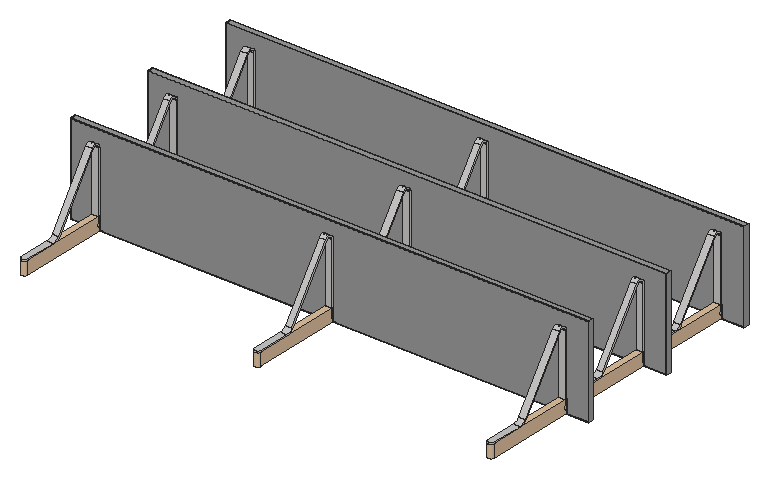
Revit family "Artek_Shelving_Kaari Wall Shelf_Kaari REB008", category Furniture, host Face, Revit 2017
Family settings
  Host = Face
  OmniClass Number = 23.40.20.27
  OmniClass Title = Storage Shelving
  Cut with Voids When Loaded = No
  Shared = No
  Room Calculation Point = No
Parameters (values of type "Kaari REB008")
  WarrantyStartDate [instance] = "n/a"
  WarrantyGuarantorParts = "n/a"
  WarrantyGuarantorLabor = "n/a"
  WarrantyDurationUnit = "Years"
  WarrantyDurationParts = "n/a"
  WarrantyDurationLabor = "n/a"
  WarrantyDescription = "n/a"
  VersionDate = "11/3/2020"  # constant formula
  Version = "1"  # constant formula
  Uniclass2015Reference = "Pr_40_30_78_77"
  Uniclass2015Description = "Shelf units"
  Uniclass2 = "Pr_40_30_78_77"
  URL = "https://www.artek.fi/en/products/kaari-wall-shelf"
  Type Comments = ""
  TagNumber [instance] = "n/a"
  SustainabilityPerformance = "n/a"
  Style = "n/a"
  Size = "2000x1130x350 mm"
  ShelfTopMaterial [instance] = Melamine
  Shape = "Sculptured"
  SerialNumber [instance] = "n/a"
  Revision = "n/a"
  ReplacementCost = "n/a"
  ProductInformation = "n/a"
  Product data url = ""
  NominalWidth = 350 mm
  NominalHeight = 2000 mm
  NominalDepth = 1128 mm
  Name = "Kaari REB008"
  NBSReference = "45-35-80/310"
  NBSDescription = "Shelf units"
  ModelReference = "n/a"
  ModelNumber = "28503301"
  Model = "Kaari REB008"
  Material = "Wood/Steel"
  ManufacturerURL = "https://www.artek.fi/"
  ManufacturerName = "Artek"
  Manufacturer = "Artek"
  MainColor = "Black"
  LegsMaterial [instance] = Solid oak
  InstallationDate [instance] = "n/a"
  IfcExportType = "SHELF"  # constant formula
  IfcExportAs = "IfcFurnitureType"  # constant formula
  Grade = "n/a"
  Finish = "n/a"
  Features = "n/a"
  ExpectedLife = "n/a"
  DurationUnit = "Years"
  Designer = "Ronan & Erwan Bouroullec"
  Description = ""
  Default Elevation = 0 mm
  ConvergoRefNr = "0190-2009-0035-FI"  # constant formula
  Constituents = "n/a"
  Color = "Black"
  Collection = "Kaari Collection"
  CodePerformance = "n/a"
  Category = "Shelves"
  Brand = "Artek"
  Barcode [instance] = "n/a"
  BIMObjectName = "Artek_Shelving_Kaari Wall Shelf_Kaari REB008"  # constant formula
  Author = "Convergo AB"  # constant formula
  AssetType = "Movable"
  AssetIdentifier [instance] = "n/a"
  Assembly Code = ""
  AccessibilityPerformance = "n/a"
Reference planes
  plane 1 "Center (Front/Back)": y = 0
  plane 2: z = 0
  plane 3 "Center (Left/Right)": x = 0
  plane 4: y = 564
  plane 5: y = -564
  plane 6: x = -1000
  plane 7: x = 1000
  plane 8: z = 350
Dimensions and locks
  equal spacing: plane 5, plane 1 "Center (Front/Back)", plane 4
  "NominalDepth": plane 5 to plane 4
  equal spacing: plane 6, plane 3 "Center (Left/Right)", plane 7
  "NominalHeight": plane 6 to plane 7
  "NominalWidth": plane 8 to level
  aligned and locked: plane 2 to host face
  aligned and locked: level to host face
Automatic sketch dimensions
  host sketch curve to host sketch curve = 2438.4 mm  (x2)
Nested families
  nested 1: "kaari_shelf_reb008" at (0, -564, 0) x (-1, 0, 0) z (0, 1, 0), Legs <- "LegsMaterial", Shelf <- "ShelfTopMaterial", type "kaari_shelf_reb008"
    with ShelfFrame ABS, Shelf Melamine, LegsFrame Flat rolled steel, Legs Solid oak
Definition of nested family "kaari_shelf_reb008"
  Parameters (values of type "kaari_shelf_reb008")
    ShelfFrame [instance] = none
    Shelf [instance] = none
    LegsFrame [instance] = none
    Legs [instance] = none
    Default Elevation = 1219.2 mm
  Reference planes
    plane 1 "Center (Front/Back)": y = 0
    plane 2: z = 0
    plane 3 "Center (Left/Right)": x = 0
  Forms (mm)
    Extrusion 1, solid, material <- "Shelf", detail levels medium+fine
      sketch origin (0, 0, 0) x (1, 0, 0) y (0, 1, 0)
        loop
          line (-999, -349) -> (999, -349) -> (999, -1) -> (913.5, -1) -> (913.5, -51) -> (886.5, -51) -> (886.5, -1) -> (13.5, -1) -> (13.5, -51) -> (-13.5, -51) -> (-13.5, -1) -> (-886.5, -1) -> (-886.5, -51) -> (-913.5, -51) -> (-913.5, -1) -> (-999, -1) -> (-999, -349)
      from 1106 to 1128
    Extrusion 2, solid, material <- "Legs", detail levels medium+fine
      sketch origin (0, 0, 0) x (1, 0, 0) y (0, 0, 1)
        loop
          arc (-912.5, 12.5) -> (-900, 0) -> (-887.5, 12.5) r 12.5
          line (-887.5, 12.5) -> (-887.5, 1128) -> (-912.5, 1128) -> (-912.5, 12.5)
        loop
          line (912.5, 12.5) -> (912.5, 1128) -> (887.5, 1128) -> (887.5, 12.5)
          arc (887.5, 12.5) -> (900, 0) -> (912.5, 12.5) r 12.5
        loop
          line (12.5, 12.5) -> (12.5, 1128) -> (-12.5, 1128) -> (-12.5, 12.5)
          arc (-12.5, 12.5) -> (0, 0) -> (12.5, 12.5) r 12.5
      from 0 to 50
    Extrusion 3, solid, material <- "LegsFrame", detail levels medium+fine
      sketch origin (0, 0, 0) x (0, 1, 0) y (0, 0, 1)
        loop
          line (-298.43, 1073.33) -> (-65.793, 910.435)
          arc (-65.793, 910.435) -> (-56.39, 899.713) -> (-53, 885.86) r 30
          line (-53, 885.86) -> (-53, 732) -> (-288.129, 732)
          arc (-288.129, 732) -> (-305.257, 719.441) -> (-298.43, 699.33) r 17.959
          line (-298.43, 699.33) -> (-65.793, 536.435)
          arc (-65.793, 536.435) -> (-56.39, 525.713) -> (-53, 511.86) r 30
          line (-53, 511.86) -> (-53, 358) -> (-288.129, 358)
          arc (-288.129, 358) -> (-305.257, 345.441) -> (-298.43, 325.33) r 17.959
          line (-298.43, 325.33) -> (-65.793, 162.435)
          arc (-65.793, 162.435) -> (-56.39, 151.713) -> (-53, 137.86) r 30
          line (-53, 137.86) -> (-53, 0) -> (-50, 0) -> (-50, 137.74)
          arc (-50, 137.74) -> (-53.755, 153.084) -> (-64.17, 164.961) r 33.23
          line (-64.17, 164.961) -> (-296.604, 327.713)
          arc (-296.604, 327.713) -> (-302.306, 344.511) -> (-288, 355) r 15
          line (-288, 355) -> (-25.999, 355.008)
          arc (-25.999, 355.008) -> (-24.563, 354.523) -> (-23.359, 353.603) r 4.655
          arc (-23.359, 353.603) -> (-16.069, 356.49) -> (-23.355, 359.385) r 4.217
          arc (-23.355, 359.385) -> (-24.491, 358.501) -> (-25.842, 358) r 4.715
          line (-25.842, 358) -> (-50, 358) -> (-50, 511.74)
          arc (-50, 511.74) -> (-53.755, 527.084) -> (-64.17, 538.961) r 33.23
          line (-64.17, 538.961) -> (-296.604, 701.713)
          arc (-296.604, 701.713) -> (-302.306, 718.511) -> (-288, 729) r 15
          line (-288, 729) -> (-25.999, 729.008)
          arc (-25.999, 729.008) -> (-24.563, 728.524) -> (-23.359, 727.604) r 4.655
          arc (-23.359, 727.604) -> (-16.069, 730.49) -> (-23.355, 733.385) r 4.217
          arc (-23.355, 733.385) -> (-24.491, 732.501) -> (-25.842, 732) r 4.715
          line (-25.842, 732) -> (-50, 732) -> (-50, 885.74)
          arc (-50, 885.74) -> (-53.755, 901.084) -> (-64.17, 912.961) r 33.23
          line (-64.17, 912.961) -> (-296.604, 1075.713)
          arc (-296.604, 1075.713) -> (-302.306, 1092.511) -> (-288, 1103) r 15
          line (-288, 1103) -> (-26.77, 1103)
          arc (-26.77, 1103) -> (-24.939, 1102.623) -> (-23.404, 1101.555) r 4.641
          arc (-23.404, 1101.555) -> (-16.026, 1104.5) -> (-23.404, 1107.445) r 4.277
          arc (-23.404, 1107.445) -> (-24.939, 1106.377) -> (-26.77, 1106) r 4.641
          line (-26.77, 1106) -> (-50, 1106) -> (-288.129, 1106)
          arc (-288.129, 1106) -> (-305.257, 1093.441) -> (-298.43, 1073.33) r 17.959
      from -912.5 to -887.5
    Extrusion 4, solid, material <- "LegsFrame", detail levels medium+fine
      sketch origin (0, 0, 0) x (0, 1, 0) y (0, 0, 1)
        loop
          line (-298.43, 1073.33) -> (-65.793, 910.435)
          arc (-65.793, 910.435) -> (-56.39, 899.713) -> (-53, 885.86) r 30
          line (-53, 885.86) -> (-53, 732) -> (-288.129, 732)
          arc (-288.129, 732) -> (-305.257, 719.441) -> (-298.43, 699.33) r 17.959
          line (-298.43, 699.33) -> (-65.793, 536.435)
          arc (-65.793, 536.435) -> (-56.39, 525.713) -> (-53, 511.86) r 30
          line (-53, 511.86) -> (-53, 358) -> (-288.129, 358)
          arc (-288.129, 358) -> (-305.257, 345.441) -> (-298.43, 325.33) r 17.959
          line (-298.43, 325.33) -> (-65.793, 162.435)
          arc (-65.793, 162.435) -> (-56.39, 151.713) -> (-53, 137.86) r 30
          line (-53, 137.86) -> (-53, 0) -> (-50, 0) -> (-50, 137.74)
          arc (-50, 137.74) -> (-53.755, 153.084) -> (-64.17, 164.961) r 33.23
          line (-64.17, 164.961) -> (-296.604, 327.713)
          arc (-296.604, 327.713) -> (-302.306, 344.511) -> (-288, 355) r 15
          line (-288, 355) -> (-25.999, 355.008)
          arc (-25.999, 355.008) -> (-24.563, 354.523) -> (-23.359, 353.603) r 4.655
          arc (-23.359, 353.603) -> (-16.069, 356.49) -> (-23.355, 359.385) r 4.217
          arc (-23.355, 359.385) -> (-24.491, 358.501) -> (-25.842, 358) r 4.715
          line (-25.842, 358) -> (-50, 358) -> (-50, 511.74)
          arc (-50, 511.74) -> (-53.755, 527.084) -> (-64.17, 538.961) r 33.23
          line (-64.17, 538.961) -> (-296.604, 701.713)
          arc (-296.604, 701.713) -> (-302.306, 718.511) -> (-288, 729) r 15
          line (-288, 729) -> (-25.999, 729.008)
          arc (-25.999, 729.008) -> (-24.563, 728.523) -> (-23.359, 727.603) r 4.655
          arc (-23.359, 727.603) -> (-16.069, 730.49) -> (-23.355, 733.385) r 4.217
          arc (-23.355, 733.385) -> (-24.491, 732.501) -> (-25.842, 732) r 4.715
          line (-25.842, 732) -> (-50, 732) -> (-50, 885.74)
          arc (-50, 885.74) -> (-53.755, 901.084) -> (-64.17, 912.961) r 33.23
          line (-64.17, 912.961) -> (-296.604, 1075.713)
          arc (-296.604, 1075.713) -> (-302.306, 1092.511) -> (-288, 1103) r 15
          line (-288, 1103) -> (-26.77, 1103)
          arc (-26.77, 1103) -> (-24.939, 1102.623) -> (-23.404, 1101.555) r 4.641
          arc (-23.404, 1101.555) -> (-16.026, 1104.5) -> (-23.404, 1107.445) r 4.277
          arc (-23.404, 1107.445) -> (-24.939, 1106.377) -> (-26.77, 1106) r 4.641
          line (-26.77, 1106) -> (-50, 1106) -> (-288.129, 1106)
          arc (-288.129, 1106) -> (-305.257, 1093.441) -> (-298.43, 1073.33) r 17.959
      from 887.5 to 912.5
    Extrusion 5, solid, material <- "LegsFrame", detail levels medium+fine
      sketch origin (0, 0, 0) x (0, 1, 0) y (0, 0, 1)
        loop
          line (-298.43, 1073.33) -> (-65.793, 910.435)
          arc (-65.793, 910.435) -> (-56.39, 899.713) -> (-53, 885.86) r 30
          line (-53, 885.86) -> (-53, 732) -> (-288.129, 732)
          arc (-288.129, 732) -> (-305.257, 719.441) -> (-298.43, 699.33) r 17.959
          line (-298.43, 699.33) -> (-65.793, 536.435)
          arc (-65.793, 536.435) -> (-56.39, 525.713) -> (-53, 511.86) r 30
          line (-53, 511.86) -> (-53, 358) -> (-288.129, 358)
          arc (-288.129, 358) -> (-305.257, 345.441) -> (-298.43, 325.33) r 17.959
          line (-298.43, 325.33) -> (-65.793, 162.435)
          arc (-65.793, 162.435) -> (-56.39, 151.713) -> (-53, 137.86) r 30
          line (-53, 137.86) -> (-53, 0) -> (-50, 0) -> (-50, 137.74)
          arc (-50, 137.74) -> (-53.755, 153.084) -> (-64.17, 164.961) r 33.23
          line (-64.17, 164.961) -> (-296.604, 327.713)
          arc (-296.604, 327.713) -> (-302.306, 344.511) -> (-288, 355) r 15
          line (-288, 355) -> (-25.999, 355.008)
          arc (-25.999, 355.008) -> (-24.563, 354.523) -> (-23.359, 353.603) r 4.655
          arc (-23.359, 353.603) -> (-16.069, 356.49) -> (-23.355, 359.385) r 4.217
          arc (-23.355, 359.385) -> (-24.491, 358.501) -> (-25.842, 358) r 4.715
          line (-25.842, 358) -> (-50, 358) -> (-50, 511.74)
          arc (-50, 511.74) -> (-53.755, 527.084) -> (-64.17, 538.961) r 33.23
          line (-64.17, 538.961) -> (-296.604, 701.713)
          arc (-296.604, 701.713) -> (-302.306, 718.511) -> (-288, 729) r 15
          line (-288, 729) -> (-25.999, 729.008)
          arc (-25.999, 729.008) -> (-24.563, 728.523) -> (-23.359, 727.603) r 4.655
          arc (-23.359, 727.603) -> (-16.069, 730.49) -> (-23.355, 733.385) r 4.217
          arc (-23.355, 733.385) -> (-24.491, 732.501) -> (-25.842, 732) r 4.715
          line (-25.842, 732) -> (-50, 732) -> (-50, 885.74)
          arc (-50, 885.74) -> (-53.755, 901.084) -> (-64.17, 912.961) r 33.23
          line (-64.17, 912.961) -> (-296.604, 1075.713)
          arc (-296.604, 1075.713) -> (-302.306, 1092.511) -> (-288, 1103) r 15
          line (-288, 1103) -> (-26.77, 1103)
          arc (-26.77, 1103) -> (-24.939, 1102.623) -> (-23.404, 1101.555) r 4.641
          arc (-23.404, 1101.555) -> (-16.026, 1104.5) -> (-23.404, 1107.445) r 4.277
          arc (-23.404, 1107.445) -> (-24.939, 1106.377) -> (-26.77, 1106) r 4.641
          line (-26.77, 1106) -> (-50, 1106) -> (-288.129, 1106)
          arc (-288.129, 1106) -> (-305.257, 1093.441) -> (-298.43, 1073.33) r 17.959
      from -12.5 to 12.5
    Extrusion 6, solid, material <- "ShelfFrame", detail levels medium+fine
      sketch origin (0, 0, 0) x (1, 0, 0) y (0, 1, 0)
        loop
          line (-1000, 0) -> (-1000, -350) -> (1000, -350) -> (1000, 0) -> (912.5, 0) -> (912.5, -50) -> (887.5, -50) -> (887.5, 0) -> (12.5, 0) -> (12.5, -50) -> (-12.5, -50) -> (-12.5, 0) -> (-887.5, 0) -> (-887.5, -50) -> (-912.5, -50) -> (-912.5, 0) -> (-1000, 0)
        loop
          line (-999, -1) -> (-999, -349) -> (999, -349) -> (999, -1) -> (913.5, -1) -> (913.5, -51) -> (886.5, -51) -> (886.5, -1) -> (13.5, -1) -> (13.5, -51) -> (-13.5, -51) -> (-13.5, -1) -> (-886.5, -1) -> (-886.5, -51) -> (-913.5, -51) -> (-913.5, -1) -> (-999, -1)
      from 1106 to 1128
    Extrusion 7, solid, material <- "Shelf", detail levels medium+fine
      sketch origin (0, 0, 0) x (1, 0, 0) y (0, 1, 0)
        loop
          line (-999, -349) -> (999, -349) -> (999, -1) -> (913.5, -1) -> (913.5, -54.44) -> (886.5, -54.44) -> (886.5, -1) -> (13.5, -1) -> (13.5, -54.549) -> (-13.5, -54.549) -> (-13.5, -1) -> (-886.5, -1) -> (-886.5, -54.822) -> (-913.5, -54.822) -> (-913.5, -1) -> (-999, -1) -> (-999, -349)
      from 732 to 754
    Extrusion 8, solid, material <- "ShelfFrame", detail levels medium+fine
      sketch origin (0, 0, 0) x (1, 0, 0) y (0, 1, 0)
        loop
          line (-1000, 0) -> (-1000, -350) -> (1000, -350) -> (1000, 0) -> (912.5, 0) -> (912.5, -53) -> (887.5, -53) -> (887.5, 0) -> (12.5, 0) -> (12.5, -53) -> (-12.5, -53) -> (-12.5, 0) -> (-887.5, 0) -> (-887.5, -53) -> (-912.5, -53) -> (-912.5, 0) -> (-1000, 0)
        loop
          line (-999, -1) -> (-999, -349) -> (999, -349) -> (999, -1) -> (913.5, -1) -> (913.5, -54.44) -> (886.5, -54.44) -> (886.5, -1) -> (13.5, -1) -> (13.5, -54.549) -> (-13.5, -54.549) -> (-13.5, -1) -> (-886.5, -1) -> (-886.5, -54.822) -> (-913.5, -54.822) -> (-913.5, -1) -> (-999, -1)
      from 732 to 754
    Extrusion 9, solid, material <- "Shelf", detail levels medium+fine
      sketch origin (0, 0, 0) x (1, 0, 0) y (0, 1, 0)
        loop
          line (-999, -349) -> (999, -349) -> (999, -1) -> (913.5, -1) -> (913.5, -54.664) -> (886.5, -54.664) -> (886.5, -1) -> (13.5, -1) -> (13.5, -54.892) -> (-13.5, -54.892) -> (-13.5, -1) -> (-886.5, -1) -> (-886.5, -54.595) -> (-913.5, -54.595) -> (-913.5, -1) -> (-999, -1) -> (-999, -349)
      from 358 to 380
    Extrusion 10, solid, material <- "ShelfFrame", detail levels medium+fine
      sketch origin (0, 0, 0) x (1, 0, 0) y (0, 1, 0)
        loop
          line (-1000, 0) -> (-1000, -350) -> (1000, -350) -> (1000, 0) -> (912.5, 0) -> (912.5, -53) -> (887.5, -53) -> (887.5, 0) -> (12.5, 0) -> (12.5, -53) -> (-12.5, -53) -> (-12.5, 0) -> (-887.5, 0) -> (-887.5, -53) -> (-912.5, -53) -> (-912.5, 0) -> (-1000, 0)
        loop
          line (-999, -1) -> (-999, -349) -> (999, -349) -> (999, -1) -> (913.5, -1) -> (913.5, -54.664) -> (886.5, -54.664) -> (886.5, -1) -> (13.5, -1) -> (13.5, -54.892) -> (-13.5, -54.892) -> (-13.5, -1) -> (-886.5, -1) -> (-886.5, -54.595) -> (-913.5, -54.595) -> (-913.5, -1) -> (-999, -1)
      from 358 to 380
    Extrusion 11, void
      sketch origin (0, 0, 0) x (1, 0, 0) y (0, 0, 1)
        loop
          line (-912.5, 12.5) -> (-916.007, 12.5) -> (-916.007, -2.5) -> (-886.007, -2.5) -> (-886.007, 12.5) -> (-887.5, 12.5)
          arc (-887.5, 12.5) -> (-900, 0) -> (-912.5, 12.5) r 12.5
        loop
          line (-12.5, 12.5) -> (-16.007, 12.5) -> (-16.007, -2.5) -> (13.993, -2.5) -> (13.993, 12.5) -> (12.5, 12.5)
          arc (12.5, 12.5) -> (0, 0) -> (-12.5, 12.5) r 12.5
        loop
          line (887.5, 12.5) -> (883.993, 12.5) -> (883.993, -2.5) -> (913.993, -2.5) -> (913.993, 12.5) -> (912.5, 12.5)
          arc (912.5, 12.5) -> (900, 0) -> (887.5, 12.5) r 12.5
      from 43.553 to 61.788
    Sweep 12, void
      path in 3D
        loop
          line (-1000, 0, 1128) -> (-1000, -350, 1128) -> (1000, -350, 1128) -> (1000, 0, 1128) -> (912.5, 0, 1128)
      profile origin (-1000, -175, 1128) x (1, 0, 0) y (0, 0, 1)
        loop
          line (0, 0) -> (0, -1) -> (1, 0) -> (0, 0)
    Sweep 13, void
      path in 3D
        loop
          line (-1000, -350, 1106) -> (-1000, 0, 1106) -> (1000, 0, 1106) -> (1000, -350, 1106) -> (-1000, -350, 1106)
      profile origin (0, -350, 1106) x (0, 1, 0) y (0, 0, -1)
        loop
          line (0, 0) -> (0, -1) -> (1, 0) -> (0, 0)
    Sweep 14, void
      path in 3D
        loop
          line (-1000, 0, 754) -> (-1000, -350, 754) -> (1000, -350, 754) -> (1000, 0, 754) -> (912.5, 0, 754)
      profile origin (-1000, -175, 754) x (1, 0, 0) y (0, 0, 1)
        loop
          line (0, 0) -> (0, -1) -> (1, 0) -> (0, 0)
    Sweep 15, void
      path in 3D
        loop
          line (-1000, -350, 732) -> (-1000, 0, 732) -> (1000, 0, 732) -> (1000, -350, 732) -> (-1000, -350, 732)
      profile origin (0, -350, 732) x (0, 1, 0) y (0, 0, -1)
        loop
          line (0, 0) -> (0, -1) -> (1, 0) -> (0, 0)
    Sweep 16, void
      path in 3D
        loop
          line (-1000, -350, 732) -> (-1000, 0, 732) -> (1000, 0, 732) -> (1000, -350, 732) -> (-1000, -350, 732)
      profile origin (0, -350, 732) x (0, 1, 0) y (0, 0, -1)
        loop
          line (0, 0) -> (0, -1) -> (1, 0) -> (0, 0)
    Sweep 17, void
      path in 3D
        loop
          line (-1000, 0, 380) -> (-1000, -350, 380) -> (1000, -350, 380) -> (1000, 0, 380) -> (912.5, 0, 380)
      profile origin (-1000, -175, 380) x (1, 0, 0) y (0, 0, 1)
        loop
          line (0, 0) -> (0, -1) -> (1, 0) -> (0, 0)
    Sweep 18, void
      path in 3D
        loop
          line (-1000, -350, 358) -> (-1000, 0, 358) -> (1000, 0, 358) -> (1000, -350, 358) -> (-1000, -350, 358)
      profile origin (0, -350, 358) x (0, 1, 0) y (0, 0, -1)
        loop
          line (0, 0) -> (0, -1) -> (1, 0) -> (0, 0)
    Sweep 19, void
      path in 3D
        loop
          line (-1000, -350, 358) -> (-1000, 0, 358) -> (1000, 0, 358) -> (1000, -350, 358) -> (-1000, -350, 358)
      profile origin (0, -350, 358) x (0, 1, 0) y (0, 0, -1)
        loop
          line (0, 0) -> (0, -1) -> (1, 0) -> (0, 0)
    Extrusion 20, solid, material <- "Shelf", detail levels coarse
      sketch origin (0, 0, 0) x (1, 0, 0) y (0, 1, 0)
        loop
          line (-1000, 0) -> (-1000, -350) -> (1000, -350) -> (1000, 0) -> (-1000, 0)
      from 0 to 1128
  Cuts and joins
    Extrusion 11, Sweep 12, Sweep 13, Sweep 14, Sweep 15, Sweep 16, Sweep 17, Sweep 18, Sweep 19 cuts Extrusion 2
    Extrusion 11 cuts Extrusion 3
    Extrusion 11 cuts Extrusion 4
    Extrusion 11 cuts Extrusion 5
    Sweep 12, Sweep 13, Sweep 14, Sweep 15, Sweep 16 cuts Extrusion 6
    Sweep 14, Sweep 16, Sweep 17, Sweep 18, Sweep 19 cuts Extrusion 8
    Sweep 17, Sweep 19 cuts Extrusion 10
  Lines and regions (mm)
    symbolic lines, detail levels medium+fine
      curve 1: line (0, 0, 1128) -> (-1000, 0, 1128)
      curve 2: line (-1000, 0, 1128) -> (-1000, 0, 1106)
      curve 3: line (-1000, 0, 1106) -> (-912.5, 0, 1106)
      curve 4: line (-912.5, 0, 1106) -> (-912.5, 0, 754)
      curve 5: line (-912.5, 0, 754) -> (-1000, 0, 754)
      curve 6: line (-1000, 0, 754) -> (-1000, 0, 732)
      curve 7: line (-1000, 0, 732) -> (-912.5, 0, 732)
      curve 8: line (-912.5, 0, 732) -> (-912.5, 0, 380)
      curve 9: line (-912.5, 0, 380) -> (-1000, 0, 380)
      curve 10: line (-1000, 0, 380) -> (-1000, 0, 358)
      curve 11: line (-1000, 0, 358) -> (-912.5, 0, 358)
      curve 12: line (-912.5, 0, 358) -> (-912.5, 0, 12.5)
      curve 13: arc (-912.5, 0, 12.5) -> (-900, 0, 0) -> (-887.5, 0, 12.5) r 12.5
      curve 14: line (-887.5, 0, 12.5) -> (-887.5, 0, 358)
      curve 15: line (-887.5, 0, 358) -> (-12.5, 0, 358)
      curve 16: line (-12.5, 0, 358) -> (-12.5, 0, 12.5)
      curve 17: arc (-12.5, 0, 12.5) -> (-8.839, 0, 3.661) -> (0, 0, 0) r 12.5
      curve 27: line (0, 0, 1128) -> (1000, 0, 1128)
      curve 28: line (1000, 0, 1128) -> (1000, 0, 1106)
      curve 29: line (1000, 0, 1106) -> (912.5, 0, 1106)
      curve 30: line (912.5, 0, 1106) -> (912.5, 0, 754)
      curve 31: line (912.5, 0, 754) -> (1000, 0, 754)
      curve 32: line (1000, 0, 754) -> (1000, 0, 732)
      curve 33: line (1000, 0, 732) -> (912.5, 0, 732)
      curve 34: line (912.5, 0, 732) -> (912.5, 0, 380)
      curve 35: line (912.5, 0, 380) -> (1000, 0, 380)
      curve 36: line (1000, 0, 380) -> (1000, 0, 358)
      curve 37: line (1000, 0, 358) -> (912.5, 0, 358)
      curve 38: line (912.5, 0, 358) -> (912.5, 0, 12.5)
      curve 39: arc (912.5, 0, 12.5) -> (900, 0, 0) -> (887.5, 0, 12.5) r 12.5
      curve 40: line (887.5, 0, 12.5) -> (887.5, 0, 358)
      curve 41: line (887.5, 0, 358) -> (12.5, 0, 358)
      curve 42: line (12.5, 0, 358) -> (12.5, 0, 12.5)
      curve 43: arc (12.5, 0, 12.5) -> (8.839, 0, 3.661) -> (0, 0, 0) r 12.5
      curve 53: line (0, -350, 1128) -> (0, 0, 1128)
      curve 54: line (0, 0, 1128) -> (0, 0, 0)
      curve 55: line (0, 0, 0) -> (0, -53, 0)
      curve 56: line (0, -53, 0) -> (0, -53, 137.86)
      curve 57: arc (0, -65.793, 162.435) -> (0, -56.39, 151.713) -> (0, -53, 137.86) r 30
      curve 58: line (0, -298.43, 325.33) -> (0, -65.793, 162.435)
      curve 59: arc (0, -288.129, 358) -> (0, -305.257, 345.441) -> (0, -298.43, 325.33) r 17.959
      curve 60: line (0, -288.129, 358) -> (0, -350, 358)
      curve 61: line (0, -350, 358) -> (0, -350, 380)
      curve 62: line (0, -350, 380) -> (0, -53, 380)
      curve 63: line (0, -53, 380) -> (0, -53, 511.86)
      curve 64: arc (0, -65.793, 536.435) -> (0, -56.39, 525.713) -> (0, -53, 511.86) r 30
      curve 65: line (0, -298.43, 699.33) -> (0, -65.793, 536.435)
      curve 66: arc (0, -288.129, 732) -> (0, -305.257, 719.441) -> (0, -298.43, 699.33) r 17.959
      curve 67: line (0, -288.129, 732) -> (0, -350, 732)
      curve 68: line (0, -350, 732) -> (0, -350, 754)
      curve 69: line (0, -350, 754) -> (0, -53, 754)
      curve 70: line (0, -53, 754) -> (0, -53, 885.86)
      curve 71: arc (0, -65.793, 910.435) -> (0, -56.39, 899.713) -> (0, -53, 885.86) r 30
      curve 72: line (0, -298.43, 1073.33) -> (0, -65.793, 910.435)
      curve 73: arc (0, -288.129, 1106) -> (0, -305.257, 1093.441) -> (0, -298.43, 1073.33) r 17.959
      curve 74: line (0, -288.129, 1106) -> (0, -350, 1106)
      curve 75: line (0, -350, 1106) -> (0, -350, 1128)
      curve 134: line (-1000, 0, 0) -> (1000, 0, 0)
      curve 135: line (-1000, -350, 0) -> (-1000, 0, 0)
      curve 136: line (1000, -350, 0) -> (-1000, -350, 0)
      curve 137: line (1000, 0, 0) -> (1000, -350, 0)
    symbolic lines, detail levels fine
      curve 18: line (-912.5, 0, 1106) -> (0, 0, 1106)
      curve 19: line (-912.5, 0, 754) -> (0, 0, 754)
      curve 20: line (-912.5, 0, 732) -> (0, 0, 732)
      curve 21: line (-887.5, 0, 1106) -> (-887.5, 0, 754)
      curve 22: line (-12.5, 0, 1106) -> (-12.5, 0, 754)
      curve 23: line (-887.5, 0, 732) -> (-887.5, 0, 380)
      curve 24: line (-12.5, 0, 732) -> (-12.5, 0, 380)
      curve 25: line (-912.5, 0, 380) -> (0, 0, 380)
      curve 26: line (-912.5, 0, 358) -> (0, 0, 358)
      curve 44: line (912.5, 0, 1106) -> (0, 0, 1106)
      curve 45: line (912.5, 0, 754) -> (0, 0, 754)
      curve 46: line (912.5, 0, 732) -> (0, 0, 732)
      curve 47: line (887.5, 0, 1106) -> (887.5, 0, 754)
      curve 48: line (12.5, 0, 1106) -> (12.5, 0, 754)
      curve 49: line (887.5, 0, 732) -> (887.5, 0, 380)
      curve 50: line (12.5, 0, 732) -> (12.5, 0, 380)
      curve 51: line (912.5, 0, 380) -> (0, 0, 380)
      curve 52: line (912.5, 0, 358) -> (0, 0, 358)
      curve 76: line (0, 0, 1106) -> (0, -288.129, 1106)
      curve 77: line (0, -288, 1103) -> (0, -26.77, 1103)
      curve 78: arc (0, -296.604, 1075.713) -> (0, -302.306, 1092.511) -> (0, -288, 1103) r 15
      curve 79: line (0, -64.17, 912.961) -> (0, -296.604, 1075.713)
      curve 80: arc (0, -26.77, 1103) -> (0, -24.939, 1102.623) -> (0, -23.404, 1101.555) r 4.641
      curve 81: arc (0, -23.404, 1101.555) -> (0, -18.035, 1100.874) -> (0, -16.298, 1106) r 4.277
      curve 82: line (0, -50, 1103) -> (0, -50, 754)
      curve 83: arc (0, -50, 885.74) -> (0, -53.755, 901.084) -> (0, -64.17, 912.961) r 33.23
      curve 84: line (0, -53, 754) -> (0, 0, 754)
      curve 85: line (0, -288.129, 732) -> (0, 0, 732)
      curve 86: line (0, -288, 729.008) -> (0, -25.999, 729.008)
      curve 87: arc (0, -296.604, 701.713) -> (0, -302.306, 718.511) -> (0, -288, 729) r 15
      curve 88: line (0, -64.17, 538.961) -> (0, -296.604, 701.713)
      curve 89: arc (0, -25.999, 729.008) -> (0, -24.563, 728.523) -> (0, -23.359, 727.603) r 4.655
      curve 90: arc (0, -23.359, 727.603) -> (0, -18.046, 726.92) -> (0, -16.348, 732) r 4.217
      curve 91: line (0, -50, 729.008) -> (0, -50, 380)
      curve 92: arc (0, -50, 511.74) -> (0, -53.755, 527.084) -> (0, -64.17, 538.961) r 33.23
      curve 93: line (0, -53, 380) -> (0, 0, 380)
      curve 94: line (0, -288.129, 358) -> (0, 0, 358)
      curve 95: line (0, -288, 355.008) -> (0, -25.999, 355.008)
      curve 96: arc (0, -25.999, 355.008) -> (0, -24.563, 354.523) -> (0, -23.359, 353.603) r 4.655
      curve 97: arc (0, -23.359, 353.603) -> (0, -18.046, 352.92) -> (0, -16.348, 358) r 4.217
      curve 98: arc (0, -296.604, 327.713) -> (0, -302.306, 344.511) -> (0, -288, 355) r 15
      curve 99: line (0, -64.17, 164.961) -> (0, -296.604, 327.713)
      curve 100: arc (0, -50, 137.74) -> (0, -53.755, 153.084) -> (0, -64.17, 164.961) r 33.23
      curve 101: line (0, -50, 355.008) -> (0, -50, 0)
    sketch lines
      curve 102: line (-1000, 0, 1128) -> (-1000, -350, 1128)
      curve 103: line (-1000, -350, 1128) -> (1000, -350, 1128)
      curve 104: line (1000, -350, 1128) -> (1000, 0, 1128)
      curve 105: line (1000, 0, 1128) -> (912.5, 0, 1128)
      curve 106: line (1000, -350, 1106) -> (-1000, -350, 1106)
      curve 107: line (-1000, -350, 1106) -> (-1000, 0, 1106)
      curve 108: line (1000, 0, 1106) -> (1000, -350, 1106)
      curve 109: line (-1000, 0, 1106) -> (1000, 0, 1106)
      curve 110: line (-1000, 0, 754) -> (-1000, -350, 754)
      curve 111: line (-1000, -350, 754) -> (1000, -350, 754)
      curve 112: line (1000, -350, 754) -> (1000, 0, 754)
      curve 113: line (1000, 0, 754) -> (912.5, 0, 754)
      curve 114: line (1000, -350, 732) -> (-1000, -350, 732)
      curve 115: line (-1000, -350, 732) -> (-1000, 0, 732)
      curve 116: line (1000, 0, 732) -> (1000, -350, 732)
      curve 117: line (-1000, 0, 732) -> (1000, 0, 732)
      curve 118: line (1000, -350, 732) -> (-1000, -350, 732)
      curve 119: line (-1000, -350, 732) -> (-1000, 0, 732)
      curve 120: line (1000, 0, 732) -> (1000, -350, 732)
      curve 121: line (-1000, 0, 732) -> (1000, 0, 732)
      curve 122: line (-1000, 0, 380) -> (-1000, -350, 380)
      curve 123: line (-1000, -350, 380) -> (1000, -350, 380)
      curve 124: line (1000, -350, 380) -> (1000, 0, 380)
      curve 125: line (1000, 0, 380) -> (912.5, 0, 380)
      curve 126: line (1000, -350, 358) -> (-1000, -350, 358)
      curve 127: line (-1000, -350, 358) -> (-1000, 0, 358)
      curve 128: line (1000, 0, 358) -> (1000, -350, 358)
      curve 129: line (-1000, 0, 358) -> (1000, 0, 358)
      curve 130: line (1000, -350, 358) -> (-1000, -350, 358)
      curve 131: line (-1000, -350, 358) -> (-1000, 0, 358)
      curve 132: line (1000, 0, 358) -> (1000, -350, 358)
      curve 133: line (-1000, 0, 358) -> (1000, 0, 358)
  Dimensions and locks
    aligned and locked: level to plane 2
  Automatic sketch dimensions
    plane 1 "Center (Front/Back)" to Extrusion 1 sketch curve = 349 mm
    Extrusion 1 sketch curve to plane 3 "Center (Left/Right)" = 999 mm
    Extrusion 1 sketch curve to Extrusion 1 sketch curve = 85.5 mm  (x2)
    Extrusion 1 sketch curve to Extrusion 1 sketch curve = 27 mm  (x2)
    Extrusion 1 sketch curve to plane 3 "Center (Left/Right)" = 13.5 mm
    plane 3 "Center (Left/Right)" to Extrusion 1 sketch curve = 13.5 mm
    plane 1 "Center (Front/Back)" to Extrusion 1 sketch curve = 1 mm  (x4)
    Extrusion 1 sketch curve to Extrusion 1 sketch curve = 873 mm
    plane 1 "Center (Front/Back)" to Extrusion 1 sketch curve = 51 mm
    Extrusion 1 sketch curve to Extrusion 1 sketch curve = 50 mm  (x2)
    Extrusion 2 sketch curve to plane 3 "Center (Left/Right)" = 0 mm
    Extrusion 2 sketch curve to plane 3 "Center (Left/Right)" = 12.5 mm
    Extrusion 2 sketch curve to Extrusion 2 sketch curve = 875 mm  (x2)
    Extrusion 2 sketch curve to Extrusion 2 sketch curve = 12.5 mm  (x2)
    level to Extrusion 2 sketch curve = 12.5 mm  (x3)
    Extrusion 2 sketch curve to Extrusion 2 sketch curve = 1115.5 mm
    Extrusion 2 sketch curve to Extrusion 2 sketch curve = 0 mm  (x2)
    Extrusion 3 sketch curve to level = 0 mm
    plane 1 "Center (Front/Back)" to Extrusion 3 sketch curve = 298.43 mm  (x3)
    Extrusion 3 sketch curve to Extrusion 3 sketch curve = 1.826 mm  (x3)
    Extrusion 3 sketch curve to Extrusion 3 sketch curve = 8.475 mm  (x3)
    Extrusion 3 sketch curve to Extrusion 3 sketch curve = 0.129 mm  (x3)
    plane 1 "Center (Front/Back)" to Extrusion 3 sketch curve = 83.23 mm  (x3)
    Extrusion 3 sketch curve to Extrusion 3 sketch curve = 0.23 mm  (x3)
    Extrusion 3 sketch curve to Extrusion 3 sketch curve = 17.207 mm  (x3)
    Extrusion 3 sketch curve to Extrusion 3 sketch curve = 1.623 mm  (x3)
    plane 1 "Center (Front/Back)" to Extrusion 3 sketch curve = 53 mm  (x3)
    plane 1 "Center (Front/Back)" to Extrusion 3 sketch curve = 50 mm
    Extrusion 3 sketch curve to Extrusion 3 sketch curve = 3 mm  (x3)
    Extrusion 3 sketch curve to Extrusion 3 sketch curve = 23.214 mm  (x2)
    Extrusion 3 sketch curve to Extrusion 3 sketch curve = 23.23 mm
    Extrusion 3 sketch curve to Extrusion 3 sketch curve = 0 mm  (x7)
    Extrusion 3 sketch curve to Extrusion 3 sketch curve = 0.037 mm  (x2)
    Extrusion 3 sketch curve to Extrusion 3 sketch curve = 0.751 mm  (x2)
    Extrusion 3 sketch curve to Extrusion 3 sketch curve = 0.157 mm  (x2)
    Extrusion 3 sketch curve to Extrusion 3 sketch curve = 6.466 mm
    Extrusion 3 sketch curve to Extrusion 3 sketch curve = 5.555 mm  (x2)
    level to Extrusion 3 sketch curve = 137.74 mm
    Extrusion 3 sketch curve to Extrusion 3 sketch curve = 0.12 mm  (x3)
    Extrusion 3 sketch curve to Extrusion 3 sketch curve = 2.383 mm  (x3)
    Extrusion 3 sketch curve to Extrusion 3 sketch curve = 12.287 mm  (x3)
    Extrusion 3 sketch curve to Extrusion 3 sketch curve = 0.041 mm  (x3)
    Extrusion 3 sketch curve to Extrusion 3 sketch curve = 7.586 mm  (x2)
    Extrusion 3 sketch curve to Extrusion 3 sketch curve = 4.594 mm  (x2)
    Extrusion 3 sketch curve to Extrusion 3 sketch curve = 1.484 mm  (x2)
    Extrusion 3 sketch curve to Extrusion 3 sketch curve = 4.619 mm  (x2)
    Extrusion 3 sketch curve to Extrusion 3 sketch curve = 153.74 mm  (x2)
    Extrusion 3 sketch curve to Extrusion 3 sketch curve = 27.221 mm  (x2)
    Extrusion 3 sketch curve to Extrusion 3 sketch curve = 4.641 mm  (x2)
    Extrusion 3 sketch curve to Extrusion 3 sketch curve = 1.5 mm
    Extrusion 3 sketch curve to Extrusion 3 sketch curve = 2.639 mm
    Extrusion 3 sketch curve to Extrusion 3 sketch curve = 2.64 mm
    Extrusion 4 sketch curve to level = 0 mm
    plane 1 "Center (Front/Back)" to Extrusion 4 sketch curve = 298.43 mm  (x3)
    Extrusion 4 sketch curve to Extrusion 4 sketch curve = 1.826 mm  (x3)
    Extrusion 4 sketch curve to Extrusion 4 sketch curve = 8.475 mm  (x3)
    Extrusion 4 sketch curve to Extrusion 4 sketch curve = 0.129 mm  (x3)
    plane 1 "Center (Front/Back)" to Extrusion 4 sketch curve = 83.23 mm  (x3)
    Extrusion 4 sketch curve to Extrusion 4 sketch curve = 0.23 mm  (x3)
    Extrusion 4 sketch curve to Extrusion 4 sketch curve = 17.207 mm  (x3)
    Extrusion 4 sketch curve to Extrusion 4 sketch curve = 1.623 mm  (x3)
    plane 1 "Center (Front/Back)" to Extrusion 4 sketch curve = 53 mm  (x3)
    plane 1 "Center (Front/Back)" to Extrusion 4 sketch curve = 50 mm
    Extrusion 4 sketch curve to Extrusion 4 sketch curve = 3 mm  (x3)
    Extrusion 4 sketch curve to Extrusion 4 sketch curve = 23.214 mm  (x2)
    Extrusion 4 sketch curve to Extrusion 4 sketch curve = 23.23 mm
    Extrusion 4 sketch curve to Extrusion 4 sketch curve = 0 mm  (x7)
    Extrusion 4 sketch curve to Extrusion 4 sketch curve = 0.037 mm  (x2)
    Extrusion 4 sketch curve to Extrusion 4 sketch curve = 0.751 mm  (x2)
    Extrusion 4 sketch curve to Extrusion 4 sketch curve = 0.157 mm  (x2)
    Extrusion 4 sketch curve to Extrusion 4 sketch curve = 6.466 mm
    Extrusion 4 sketch curve to Extrusion 4 sketch curve = 5.555 mm  (x2)
    level to Extrusion 4 sketch curve = 137.74 mm
    Extrusion 4 sketch curve to Extrusion 4 sketch curve = 0.12 mm  (x3)
    Extrusion 4 sketch curve to Extrusion 4 sketch curve = 2.383 mm  (x3)
    Extrusion 4 sketch curve to Extrusion 4 sketch curve = 12.287 mm  (x3)
    Extrusion 4 sketch curve to Extrusion 4 sketch curve = 0.041 mm  (x3)
    Extrusion 4 sketch curve to Extrusion 4 sketch curve = 7.586 mm  (x2)
    Extrusion 4 sketch curve to Extrusion 4 sketch curve = 4.594 mm  (x2)
    Extrusion 4 sketch curve to Extrusion 4 sketch curve = 1.484 mm  (x2)
    Extrusion 4 sketch curve to Extrusion 4 sketch curve = 4.619 mm  (x2)
    Extrusion 4 sketch curve to Extrusion 4 sketch curve = 153.74 mm  (x2)
    Extrusion 4 sketch curve to Extrusion 4 sketch curve = 27.221 mm  (x2)
    Extrusion 4 sketch curve to Extrusion 4 sketch curve = 4.641 mm  (x2)
    Extrusion 4 sketch curve to Extrusion 4 sketch curve = 1.5 mm
    Extrusion 4 sketch curve to Extrusion 4 sketch curve = 2.64 mm  (x2)
    Extrusion 5 sketch curve to level = 0 mm
    plane 1 "Center (Front/Back)" to Extrusion 5 sketch curve = 298.43 mm  (x3)
    Extrusion 5 sketch curve to Extrusion 5 sketch curve = 1.826 mm  (x3)
    Extrusion 5 sketch curve to Extrusion 5 sketch curve = 8.475 mm  (x3)
    Extrusion 5 sketch curve to Extrusion 5 sketch curve = 0.129 mm  (x3)
    plane 1 "Center (Front/Back)" to Extrusion 5 sketch curve = 83.23 mm  (x3)
    Extrusion 5 sketch curve to Extrusion 5 sketch curve = 0.23 mm  (x3)
    Extrusion 5 sketch curve to Extrusion 5 sketch curve = 17.207 mm  (x3)
    Extrusion 5 sketch curve to Extrusion 5 sketch curve = 1.623 mm  (x3)
    plane 1 "Center (Front/Back)" to Extrusion 5 sketch curve = 53 mm  (x3)
    plane 1 "Center (Front/Back)" to Extrusion 5 sketch curve = 50 mm
    Extrusion 5 sketch curve to Extrusion 5 sketch curve = 3 mm  (x3)
    Extrusion 5 sketch curve to Extrusion 5 sketch curve = 23.214 mm  (x2)
    Extrusion 5 sketch curve to Extrusion 5 sketch curve = 23.23 mm
    Extrusion 5 sketch curve to Extrusion 5 sketch curve = 0 mm  (x7)
    Extrusion 5 sketch curve to Extrusion 5 sketch curve = 0.037 mm  (x2)
    Extrusion 5 sketch curve to Extrusion 5 sketch curve = 0.751 mm  (x2)
    Extrusion 5 sketch curve to Extrusion 5 sketch curve = 0.157 mm  (x2)
    Extrusion 5 sketch curve to Extrusion 5 sketch curve = 6.466 mm
    Extrusion 5 sketch curve to Extrusion 5 sketch curve = 5.555 mm  (x2)
    level to Extrusion 5 sketch curve = 137.74 mm
    Extrusion 5 sketch curve to Extrusion 5 sketch curve = 0.12 mm  (x3)
    Extrusion 5 sketch curve to Extrusion 5 sketch curve = 2.383 mm  (x3)
    Extrusion 5 sketch curve to Extrusion 5 sketch curve = 12.287 mm  (x3)
    Extrusion 5 sketch curve to Extrusion 5 sketch curve = 0.041 mm  (x3)
    Extrusion 5 sketch curve to Extrusion 5 sketch curve = 7.586 mm  (x2)
    Extrusion 5 sketch curve to Extrusion 5 sketch curve = 4.594 mm  (x2)
    Extrusion 5 sketch curve to Extrusion 5 sketch curve = 1.484 mm  (x2)
    Extrusion 5 sketch curve to Extrusion 5 sketch curve = 4.619 mm  (x2)
    Extrusion 5 sketch curve to Extrusion 5 sketch curve = 153.74 mm  (x2)
    Extrusion 5 sketch curve to Extrusion 5 sketch curve = 27.221 mm  (x2)
    Extrusion 5 sketch curve to Extrusion 5 sketch curve = 4.641 mm  (x2)
    Extrusion 5 sketch curve to Extrusion 5 sketch curve = 1.5 mm
    Extrusion 5 sketch curve to Extrusion 5 sketch curve = 2.64 mm  (x2)
    plane 1 "Center (Front/Back)" to Extrusion 6 sketch curve = 0 mm  (x4)
    Extrusion 6 sketch curve to plane 3 "Center (Left/Right)" = 1000 mm
    Extrusion 6 sketch curve to Extrusion 6 sketch curve = 1 mm  (x12)
    plane 1 "Center (Front/Back)" to Extrusion 6 sketch curve = 1 mm  (x4)
    Extrusion 6 sketch curve to Extrusion 6 sketch curve = 85.5 mm  (x2)
    Extrusion 6 sketch curve to Extrusion 6 sketch curve = 25 mm  (x2)
    Extrusion 6 sketch curve to plane 3 "Center (Left/Right)" = 13.5 mm
    plane 3 "Center (Left/Right)" to Extrusion 6 sketch curve = 12.5 mm
    Extrusion 6 sketch curve to Extrusion 6 sketch curve = 873 mm
    Extrusion 6 sketch curve to Extrusion 6 sketch curve = 49 mm  (x3)
    Extrusion 6 sketch curve to Extrusion 6 sketch curve = 298 mm
    plane 1 "Center (Front/Back)" to Extrusion 7 sketch curve = 349 mm
    Extrusion 7 sketch curve to plane 3 "Center (Left/Right)" = 999 mm
    Extrusion 7 sketch curve to Extrusion 7 sketch curve = 85.5 mm  (x2)
    Extrusion 7 sketch curve to Extrusion 7 sketch curve = 27 mm  (x2)
    Extrusion 7 sketch curve to plane 3 "Center (Left/Right)" = 13.5 mm
    plane 3 "Center (Left/Right)" to Extrusion 7 sketch curve = 13.5 mm
    plane 1 "Center (Front/Back)" to Extrusion 7 sketch curve = 1 mm  (x4)
    Extrusion 7 sketch curve to Extrusion 7 sketch curve = 873 mm
    plane 1 "Center (Front/Back)" to Extrusion 7 sketch curve = 54.822 mm
    Extrusion 7 sketch curve to Extrusion 7 sketch curve = 53.44 mm
    Extrusion 7 sketch curve to Extrusion 7 sketch curve = 53.549 mm
    plane 1 "Center (Front/Back)" to Extrusion 8 sketch curve = 0 mm  (x4)
    Extrusion 8 sketch curve to plane 3 "Center (Left/Right)" = 1000 mm
    Extrusion 8 sketch curve to Extrusion 8 sketch curve = 1 mm  (x9)
    plane 1 "Center (Front/Back)" to Extrusion 8 sketch curve = 1 mm  (x4)
    Extrusion 8 sketch curve to Extrusion 8 sketch curve = 85.5 mm  (x2)
    Extrusion 8 sketch curve to Extrusion 8 sketch curve = 25 mm  (x2)
    Extrusion 8 sketch curve to plane 3 "Center (Left/Right)" = 13.5 mm
    plane 3 "Center (Left/Right)" to Extrusion 8 sketch curve = 12.5 mm
    Extrusion 8 sketch curve to Extrusion 8 sketch curve = 873 mm
    Extrusion 8 sketch curve to Extrusion 8 sketch curve = 52 mm  (x3)
    Extrusion 8 sketch curve to Extrusion 8 sketch curve = 1.549 mm
    Extrusion 8 sketch curve to Extrusion 8 sketch curve = 1.822 mm
    Extrusion 8 sketch curve to Extrusion 8 sketch curve = 1.44 mm
    Extrusion 8 sketch curve to Extrusion 8 sketch curve = 294.56 mm
    plane 1 "Center (Front/Back)" to Extrusion 9 sketch curve = 349 mm
    Extrusion 9 sketch curve to plane 3 "Center (Left/Right)" = 999 mm
    Extrusion 9 sketch curve to Extrusion 9 sketch curve = 85.5 mm
    Extrusion 9 sketch curve to Extrusion 9 sketch curve = 27 mm  (x3)
    plane 1 "Center (Front/Back)" to Extrusion 9 sketch curve = 54.892 mm
    Extrusion 9 sketch curve to plane 3 "Center (Left/Right)" = 13.5 mm
    plane 1 "Center (Front/Back)" to Extrusion 9 sketch curve = 1 mm  (x4)
    plane 3 "Center (Left/Right)" to Extrusion 9 sketch curve = 886.5 mm
    plane 3 "Center (Left/Right)" to Extrusion 9 sketch curve = 999 mm
    plane 1 "Center (Front/Back)" to Extrusion 9 sketch curve = 54.595 mm
    Extrusion 9 sketch curve to Extrusion 9 sketch curve = 53.664 mm
    plane 1 "Center (Front/Back)" to Extrusion 10 sketch curve = 0 mm  (x4)
    Extrusion 10 sketch curve to plane 3 "Center (Left/Right)" = 1000 mm
    Extrusion 10 sketch curve to Extrusion 10 sketch curve = 1 mm  (x9)
    plane 1 "Center (Front/Back)" to Extrusion 10 sketch curve = 1 mm  (x4)
    Extrusion 10 sketch curve to Extrusion 10 sketch curve = 85.5 mm
    Extrusion 10 sketch curve to Extrusion 10 sketch curve = 25 mm  (x3)
    plane 1 "Center (Front/Back)" to Extrusion 10 sketch curve = 54.892 mm
    Extrusion 10 sketch curve to plane 3 "Center (Left/Right)" = 13.5 mm
    plane 3 "Center (Left/Right)" to Extrusion 10 sketch curve = 886.5 mm
    plane 3 "Center (Left/Right)" to Extrusion 10 sketch curve = 999 mm
    plane 1 "Center (Front/Back)" to Extrusion 10 sketch curve = 349 mm
    Extrusion 10 sketch curve to Extrusion 10 sketch curve = 53.664 mm
    plane 1 "Center (Front/Back)" to Extrusion 10 sketch curve = 54.595 mm
    Extrusion 10 sketch curve to Extrusion 10 sketch curve = 1.892 mm
    Extrusion 10 sketch curve to Extrusion 10 sketch curve = 1.664 mm
    Extrusion 10 sketch curve to Extrusion 10 sketch curve = 1.595 mm
    Extrusion 11 sketch curve to plane 3 "Center (Left/Right)" = 0 mm
    Extrusion 11 sketch curve to plane 3 "Center (Left/Right)" = 12.5 mm
    Extrusion 11 sketch curve to Extrusion 11 sketch curve = 3.507 mm  (x3)
    Extrusion 11 sketch curve to level = 2.5 mm  (x3)
    Extrusion 11 sketch curve to Extrusion 11 sketch curve = 870 mm  (x2)
    Extrusion 11 sketch curve to Extrusion 11 sketch curve = 1.493 mm  (x3)
    Extrusion 11 sketch curve to Extrusion 11 sketch curve = 12.5 mm  (x2)
    level to Extrusion 11 sketch curve = 12.5 mm  (x3)
    curve 17 to curve 43 = 0 mm  (x2)
    curve 18 to plane 3 "Center (Left/Right)" = 0 mm
    curve 17 to level = 0 mm
    curve 17 to plane 3 "Center (Left/Right)" = 0 mm
    curve 25 to plane 3 "Center (Left/Right)" = 0 mm
    curve 19 to plane 3 "Center (Left/Right)" = 0 mm
    curve 20 to plane 3 "Center (Left/Right)" = 0 mm
    curve 27 to plane 3 "Center (Left/Right)" = 0 mm
    curve 26 to plane 3 "Center (Left/Right)" = 0 mm
    curve 15 to curve 26 = 12.5 mm
    level to curve 14 = 358 mm
    curve 14 to curve 15 = 875 mm
    curve 13 to curve 13 = 12.5 mm
    curve 18 to curve 11 = 0 mm
    curve 4 to curve 20 = 0 mm
    curve 11 to curve 11 = 87.5 mm
    curve 6 to curve 4 = 87.5 mm
    curve 3 to curve 3 = 87.5 mm
    level to curve 40 = 358 mm
    curve 41 to curve 40 = 875 mm
    curve 39 to curve 39 = 12.5 mm
    curve 31 to curve 37 = 0 mm
    curve 34 to curve 37 = 0 mm
    curve 29 to curve 28 = 87.5 mm
    curve 33 to curve 32 = 87.5 mm
    curve 37 to curve 37 = 87.5 mm
    level to curve 14 = 12.5 mm
    level to curve 40 = 12.5 mm
    curve 26 to curve 15 = 0 mm
    curve 26 to curve 51 = 22 mm
    curve 9 to curve 7 = 352 mm
    curve 6 to curve 6 = 22 mm
    curve 5 to curve 3 = 352 mm
    curve 2 to curve 2 = 22 mm
    curve 24 to plane 3 "Center (Left/Right)" = 12.5 mm
    curve 22 to plane 3 "Center (Left/Right)" = 12.5 mm
    curve 7 to curve 23 = 25 mm
    curve 3 to curve 21 = 25 mm
    plane 3 "Center (Left/Right)" to curve 50 = 12.5 mm
    plane 3 "Center (Left/Right)" to curve 48 = 12.5 mm
    curve 47 to curve 30 = 25 mm
    curve 47 to curve 49 = 0 mm
    curve 101 to level = 0 mm
    curve 54 to plane 1 "Center (Front/Back)" = 0 mm
    plane 1 "Center (Front/Back)" to curve 90 = 20.286 mm
    plane 1 "Center (Front/Back)" to curve 97 = 20.286 mm
    plane 1 "Center (Front/Back)" to curve 81 = 20.303 mm
    curve 86 to curve 90 = 5.712 mm
    curve 95 to curve 97 = 5.712 mm
    curve 96 to curve 96 = 0.751 mm
    curve 89 to curve 86 = 0.751 mm
    curve 80 to curve 81 = 6.466 mm
    plane 1 "Center (Front/Back)" to curve 70 = 53 mm
    plane 1 "Center (Front/Back)" to curve 63 = 53 mm
    curve 88 to curve 63 = 11.17 mm
    curve 99 to curve 56 = 11.17 mm
    curve 79 to curve 71 = 11.17 mm
    curve 58 to curve 100 = 1.623 mm
    curve 65 to curve 92 = 1.623 mm
    curve 72 to curve 79 = 1.623 mm
    curve 64 to curve 63 = 30 mm
    curve 71 to curve 72 = 17.207 mm
    curve 57 to curve 57 = 17.207 mm
    curve 83 to curve 71 = 0.23 mm
    curve 92 to curve 64 = 0.23 mm
    curve 100 to curve 57 = 0.23 mm
    curve 98 to curve 62 = 235 mm
    curve 78 to curve 80 = 261.231 mm
    curve 87 to curve 69 = 235 mm
    curve 60 to curve 98 = 0.129 mm
    curve 85 to curve 87 = 0.129 mm
    curve 74 to curve 77 = 0.129 mm
    curve 99 to curve 59 = 8.475 mm
    curve 79 to curve 73 = 8.475 mm
    curve 88 to curve 66 = 8.475 mm
    curve 58 to curve 98 = 1.826 mm
    curve 72 to curve 78 = 1.826 mm
    curve 65 to curve 87 = 1.826 mm
    curve 60 to curve 58 = 51.57 mm
    curve 75 to curve 73 = 61.871 mm
    curve 67 to curve 65 = 51.57 mm
    level to curve 100 = 137.74 mm
    curve 100 to curve 57 = 0.12 mm
    curve 57 to curve 99 = 2.526 mm
    curve 99 to curve 58 = 160.369 mm
    curve 59 to curve 99 = 2.383 mm
    curve 99 to curve 98 = 12.287 mm
    curve 98 to curve 59 = 0.041 mm
    curve 96 to curve 97 = 7.586 mm
    curve 96 to curve 95 = 4.594 mm
    curve 97 to curve 97 = 1.507 mm
    curve 95 to curve 63 = 24.992 mm
    curve 62 to curve 92 = 131.74 mm
    curve 92 to curve 64 = 0.12 mm
    curve 65 to curve 88 = 2.526 mm
    curve 88 to curve 65 = 160.369 mm
    curve 66 to curve 88 = 2.383 mm
    curve 88 to curve 87 = 12.287 mm
    curve 87 to curve 66 = 0.041 mm
    curve 89 to curve 90 = 7.586 mm
    curve 89 to curve 86 = 4.594 mm
    curve 90 to curve 90 = 1.507 mm
    curve 91 to curve 84 = 24.992 mm
    curve 69 to curve 83 = 131.74 mm
    curve 83 to curve 70 = 0.12 mm
    curve 71 to curve 79 = 2.526 mm
    curve 83 to curve 72 = 160.369 mm
    curve 73 to curve 79 = 2.383 mm
    curve 78 to curve 78 = 12.287 mm
    curve 78 to curve 73 = 0.041 mm
    curve 80 to curve 77 = 4.641 mm
    curve 81 to curve 81 = 1.5 mm
    curve 76 to curve 54 = 22 mm
    curve 81 to curve 81 = 4.005 mm
    curve 97 to curve 97 = 3.939 mm
    curve 90 to curve 90 = 3.939 mm
    curve 101 to curve 96 = 23.25 mm
    curve 66 to curve 87 = 0.129 mm
    curve 59 to curve 98 = 0.129 mm
    curve 86 to curve 87 = 0 mm
    curve 95 to curve 98 = 0 mm
    profile plane to Sweep 12 sketch curve = 0 mm
    Sweep 12 sketch curve to profile plane = 0 mm
    Sweep 12 sketch curve to profile plane = 1 mm  (x2)
    profile plane to Sweep 14 sketch curve = 0 mm
    Sweep 14 sketch curve to profile plane = 0 mm
    Sweep 14 sketch curve to profile plane = 1 mm  (x2)
    Sweep 15 sketch curve to profile plane = 0 mm
    profile plane to Sweep 15 sketch curve = 0 mm
    Sweep 15 sketch curve to profile plane = 1 mm  (x2)
    Sweep 13 sketch curve to profile plane = 0 mm
    profile plane to Sweep 13 sketch curve = 0 mm
    Sweep 13 sketch curve to profile plane = 1 mm  (x2)
    Sweep 16 sketch curve to profile plane = 0 mm
    profile plane to Sweep 16 sketch curve = 0 mm
    Sweep 16 sketch curve to profile plane = 1 mm  (x2)
    profile plane to Sweep 17 sketch curve = 0 mm
    Sweep 17 sketch curve to profile plane = 0 mm
    Sweep 17 sketch curve to profile plane = 1 mm  (x2)
    Sweep 18 sketch curve to profile plane = 0 mm
    profile plane to Sweep 18 sketch curve = 0 mm
    Sweep 18 sketch curve to profile plane = 1 mm  (x2)
    Sweep 19 sketch curve to profile plane = 0 mm
    profile plane to Sweep 19 sketch curve = 0 mm
    Sweep 19 sketch curve to profile plane = 1 mm  (x2)
    plane 1 "Center (Front/Back)" to Extrusion 20 sketch curve = 0 mm
    plane 1 "Center (Front/Back)" to Extrusion 20 sketch curve = 350 mm
    Extrusion 20 sketch curve to plane 3 "Center (Left/Right)" = 1000 mm
    plane 3 "Center (Left/Right)" to Extrusion 20 sketch curve = 1000 mm
    plane 1 "Center (Front/Back)" to curve 135 = 0 mm
    plane 1 "Center (Front/Back)" to curve 136 = 350 mm
    curve 136 to plane 3 "Center (Left/Right)" = 1000 mm
    plane 3 "Center (Left/Right)" to curve 136 = 1000 mm
